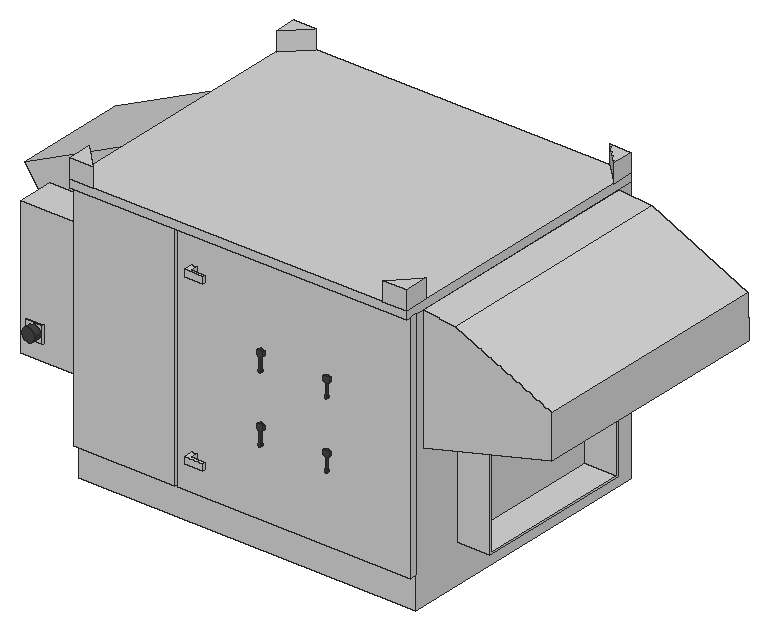
Revit family "Ventilator-RenewAire-Energy-Recovery-HE2XRTH", category Mechanical Equipment, Revit 2015
Parameters (values of type "2.0HP 575V Three Phase")
  Voltage = "575"
  Ventilation Type = "Static Plate, Heat and Humidity Transfer"
  Unit Width = "43-1/2\""
  Unit Weight = "498-689 lbs., varies by option(s)"
  Unit Length = "87-1/2\""
  Unit Height = "44\""
  Unit = Metal - RenewAire - Anodized - Gray Text
  URL = "www.renewaire.com"
  Typical Airflow Range = "500-2,000 CFM"
  Standard Features = "TEFC Premium efficiency motors, Motor starters, Non-Fused Disconnect, 24VAC Transformer/Relay Package"
  Shipping Weight = "784 lbs."
  Service Area Visibility = no
  Service Area Box = Interference - RenewAire - Smooth - Light - Gold
  Revit Object Download Link = ""
  Phase = "Three"
  Options = "Integrated programmable controls, Fused disconnect, Double wall construction, Factory supplied and mounted variable frequency drives (VFDs) – one or both airstreams, Class 1 low leakage motorized isolation dampers – OA, RA or both airstreams, Qty. 2 Factory mounted filter alarms, Exterior Paint - white, custom colors"
  Optional Motorized Damper - OA = yes
  Optional Motorized Damper - EA = yes
  Number Motors = "Qty. 2, Belt drive blower/motor packages with adjustable sheaves"
  Model = "HE2XRTH"
  Minimum Circuit Amps = "5.4 A"
  Maximum Overcurrent Protection = "15 A"
  Max. Shipping Width = "47\""
  Max. Shipping Length = "96\""
  Max. Shipping Height = "50\""
  Manufacturer = "RenewAire LLC"
  Frequency = "60 HZ"
  FLA per Motor = "2.4"
  Description = "Energy Recovery Ventilator"
  Connector Base Material = Glass - With - Transparency
  Accessories = "Filters - MERV 13, 2\" (shipped loose), Roof curb - standard 14\", Curb wind clip, Engineered combo curb for Carrier RTU, Engineered combo curb for Trane RTU, Digital time clock - wall mount(TC7D-W), in exterior enclosure (TC7D-E), Motion occupancy control - ceiling mount(MC-C),  wall mount(MC-W), Carbon dioxide control - wall mount (CO2-W), duct mount(CO2-D), Electric duct heater – EK series (1-60 KW); designed for indoor ductwork installation only, Indirect gas-fired duct furnace - GH series (50-400 MBH), installed downstream of any fans"
  AHRI 1060 Certified Core = "Two L125-G5"
Types (11): name | Voltage | Phase | Minimum Circuit Amps | Maximum Overcurrent Protection | FLA per Motor
  (no name) | "575" | "Three" | "5.4 A" | "15 A" | "2.4"
  1.5 HP 120V Single Phase | "120" | "Single" | "34.2 A" | "45 A" | "15.2"
  1.5 HP 208-230V Single Phase | "208-230" | "Single" | "18.5 A" | "25 A" | "8.2-7.6"
  1.5 HP 208-230V Three Phase | "208-230" | "Three" | "10.8 A" | "15 A" | "4.6-4.8"
  1.5 HP 460V Three Phase | "460" | "Three" | "5.4 A" | "15 A" | "2.4"
  1.5 HP 575V Three Phase | "575" | "Three" | "4.1 A" | "15 A" | "1.8"
  2.0HP 120V Single Phase | "120" | "Single" | "45 A" | "60 A" | "20.0"
  2.0HP 208-230V Single Phase | "208-230" | "Single" | "24.3 A" | "35 A" | "10.8-10.0"
  2.0HP 208-230V Three Phase | "208-230" | "Three" | "14.9 A" | "20" | "6.6-5.8"
  2.0HP 460V Three Phase | "460" | "Three" | "6.5 A" | "15 A" | "2.9"
  2.0HP 575V Three Phase | "575" | "Three" | "5.4 A" | "15 A" | "2.4"
Reference planes (in)
  plane 1 "Center (Front/Back)": y = 0
  plane 2: z = 0
  plane 3 "Center (Left/Right)": x = 0
  plane 4: z = 23
  plane 5: z = 31.5
  plane 6: z = 25.75
  plane 7: x = -38.5
  plane 8: x = -30.625
  plane 9: x = -42.78125
  plane 10 "RA": x = 25.375
  plane 11 "FA": x = -25.375
  plane 12 "Bottom": z = 4
Forms (in)
  Extrusion 1, solid, material "Metal - RenewAire - Anodized - Gray Text" <- "Unit"
    sketch origin (0, 0, 0) x (1, 0, 0) y (0, 0, 1)
      loop
        line (-25.375, 40) -> (-25.375, 0) -> (25.375, 0) -> (25.375, 40) -> (-25.375, 40)
    from 19.75 to -20.75
  Extrusion 2, solid, material "Metal - RenewAire - Anodized - Gray Text"
    sketch origin (0, 0, 0) x (1, 0, 0) y (0, 0, 1)
      loop
        line (-9.6735, 40) -> (-9.6735, 4.75) -> (25.375, 4.75) -> (25.375, 40) -> (-9.6735, 40)
    from 20.75 to 19.75
  Extrusion 3, solid, material "Metal - RenewAire - Anodized - Gray Text"
    sketch origin (0, 0, 4.25) x (0, 1, 0) y (0, 0, 1)
      loop
        line (-12, 15.625) -> (-12, 1.625) -> (12, 1.625) -> (12, 15.625) -> (-12, 15.625)
      loop
        line (-11.875, 15.5) -> (-11.875, 1.75) -> (11.875, 1.75) -> (11.875, 15.5) -> (-11.875, 15.5)
    from 30.375 to 25.375
  Extrusion 4, solid, material "Metal - RenewAire - Anodized - Gray Text"
    sketch origin (13.514, 0.5, 36.5) x (0, 1, 0) y (-1, 0, 0)
      loop
        line (-21.25, 20.3125) -> (-21.25, 21.0625) -> (-22.625, 21.0625) -> (-22.625, 18.25) -> (-22.25, 18.25) -> (-22.25, 20.3125) -> (-21.25, 20.3125)
    from -26.25 to -27.25
  Extrusion 5, solid, material "Metal - RenewAire - Anodized - Gray Text"
    sketch origin (13.514, 0.5, 34.5) x (0, 1, 0) y (-1, 0, 0)
      loop
        line (-21.25, 20.3125) -> (-21.25, 21.0625) -> (-22.625, 21.0625) -> (-22.625, 18.25) -> (-22.25, 18.25) -> (-22.25, 20.3125) -> (-21.25, 20.3125)
    from 0 to 1
  Extrusion 6, solid, material "Metal - RenewAire - Anodized - Gray Text" <- "Unit"
    sketch origin (0, 0, 5.25) x (0, 1, 0) y (0, 0, 1)
      loop
        line (-12.75, 28) -> (-18.25, 28) -> (-18.25, 7.5) -> (-12.75, 7.5) -> (-12.75, 28)
    from -25.375 to -35.375
  Extrusion 7, solid, material "Metal - RenewAire - Anodized - Gray Text"
    sketch origin (-1, 0, 5.25) x (1, 0, 0) y (0, 0, 1)
      loop
        line (-33.375, 12.5) -> (-33.375, 10) -> (-30.875, 10) -> (-30.875, 12.5) -> (-33.375, 12.5)
    from 18.25 to 18.5
  Extrusion 8, solid, material "MonitorPorts"
    sketch origin (-1, 0, 5.25) x (1, 0, 0) y (0, 0, 1)
      loop
        circle (-32.125, 11.25) r 1
    from 19.5 to 18.5
  Extrusion 9, solid, material "Interference - RenewAire - Smooth - Light - Gold" <- "Service Area Box", visible <- "Service Area Visibility"
    sketch origin (0, 0, 0) x (1, 0, 0) y (0, 0, 1)
      loop
        line (-35.375, 41.1875) -> (-35.375, 0) -> (25.375, 0) -> (25.375, 41.1875) -> (-35.375, 41.1875)
    from 54.4375 to 20.75
  Extrusion 10, solid, material "Metal - RenewAire - Anodized - Gray Text"
    sketch origin (0, 0, 0) x (1, 0, 0) y (0, 0, 1)
      loop
        line (-25.375, 4.75) -> (-10.06284, 4.75) -> (-10.06284, 40) -> (-25.375, 40) -> (-25.375, 4.75)
    from 20.75 to 19.75
  Extrusion 11, solid, material "Metal - RenewAire - Anodized - Gray Text"
    sketch origin (0, 0, 0) x (1, 0, 0) y (0, 1, 0)
      loop
        line (-25.375, 20.75) -> (-25.375, -21.5) -> (25.375, -21.5) -> (25.375, 20.75) -> (-25.375, 20.75)
    from 41.1875 to 40
  Extrusion 12, solid, material "Metal - RenewAire - Anodized - Gray Text"
    sketch origin (-0.1875, 0, 0) x (1, 0, 0) y (0, 0, 1)
      loop
        line (25.5625, 21.375) -> (45.06666, 26.44892) -> (45.06666, 32.86982) -> (30.59449, 39.5) -> (25.5625, 40) -> (25.5625, 21.375)
    from 18.455 to -18.455
  Extrusion 13, solid, material "Metal - RenewAire - Anodized - Gray Text"
    sketch origin (0.125, 0, 0) x (1, 0, 0) y (0, 0, 1)
      loop
        line (-25.5, 40) -> (-42.90625, 31.5) -> (-38.625, 25.75) -> (-30.75, 23) -> (-25.5, 23) -> (-25.5, 40)
    from 8.1875 to -9.0625
  Extrusion 14, void
    sketch origin (0, 0, 0) x (1, 0, 0) y (0, 1, 0)
      loop
        line (-24.75, 20.25) -> (-24.75, -19.25) -> (24.875, -19.25) -> (24.875, 20.25) -> (-24.75, 20.25)
    from 0 to 3.625
  Extrusion 15, solid, material "Metal - RenewAire - Anodized - Gray Text" <- "Unit"
    sketch origin (0, -0.4375, 0) x (1, 0, 0) y (0, 1, 0)
      loop
        line (-25.375, -21.0625) -> (-21.8125, -21.0625) -> (-25.375, -17.5) -> (-25.375, -21.0625)
    from 41.1875 to 44
  Extrusion 16, solid, material "Metal - RenewAire - Anodized - Gray Text" <- "Unit"
    sketch origin (0, -0.4375, 0) x (-1, 0, 0) y (0, -1, 0)
      loop
        line (-25.375, 21.0625) -> (-25.375, 17.5) -> (-21.8125, 21.0625) -> (-25.375, 21.0625)
    from 41.1875 to 44
  Extrusion 17, solid, material "Metal - RenewAire - Anodized - Gray Text" <- "Unit"
    sketch origin (0, 0, 0) x (1, 0, 0) y (0, 1, 0)
      loop
        line (-25.375, 20.75) -> (-25.375, 17.5) -> (-22.125, 20.75) -> (-25.375, 20.75)
    from 41.1875 to 44
  Extrusion 18, solid, material "Metal - RenewAire - Anodized - Gray Text" <- "Unit"
    sketch origin (0, 0, 0) x (-1, 0, 0) y (0, -1, 0)
      loop
        line (-25.375, -20.75) -> (-22.125, -20.75) -> (-25.375, -17.5) -> (-25.375, -20.75)
    from 41.1875 to 44
  Extrusion 19, solid
    sketch origin (0, 0, 0) x (0, 1, 0) y (0, 0, 1)
      loop
        line (13.5, 20.125) -> (-10.5, 20.125) -> (-10.5, 6.125) -> (13.5, 6.125) -> (13.5, 20.125)
      loop
        line (13.25, 19.875) -> (-10.25, 19.875) -> (-10.25, 6.375) -> (13.25, 6.375) -> (13.25, 19.875)
    from -26.375 to -25.375
Cuts and joins
  Extrusion 14 cuts Extrusion 1
Dimensions and locks (in)
  aligned and locked: level to plane 2
Nested families (in)
  nested 1: "Monitoring Port" at (12.875, -20.75, 14.739), type "Monitoring Port"
  nested 2: "Monitoring Port" at (12.875, -20.75, 24.739), type "Monitoring Port"
  nested 3: "Monitoring Port" at (2.875, -20.75, 14.739), type "Monitoring Port"
  nested 4: "Monitoring Port" at (2.875, -20.75, 24.739), type "Monitoring Port"
Connectors (in)
  hvac at (25.375, 0, 12.875)
    settings: index 4, duct flow 0 CFM, flow factor 0, pres drop 0.00 in-wg, loss coef 0, conn angle 0.00°, conn width 24", conn height 14", conn diameter 24", duct sys type 2, conn prof type 1, flow config 0, flow direction 1, loss method 0, conn ref index -1, conn util no, is conn primary yes, conn desc "RA (Return Air)"
  hvac at (-26.375, 1.5, 13.125)
    settings: on Extrusion 19, index 6, duct flow 0 CFM, flow factor 0, pres drop 0.00 in-wg, loss coef 0, conn angle 0.00°, conn width 24", conn height 14", conn diameter 24", duct sys type 1, conn prof type 1, flow config 0, flow direction 2, loss method 0, conn ref index -1, conn util no, is conn primary no, conn desc "FA (Fresh Air)"
Definition of nested family "Monitoring Port"
  Parameters
    URL = "www.renewaire.com"
    Revit Object Download Link = ""
    Model = ""
    Manufacturer = "RenewAire LLC"
    Description = "Monitoring Ports"
  Reference planes (in)
    plane 1 "Center (Front/Back)": y = 0
    plane 2: z = 0
    plane 3 "Center (Left/Right)": x = 0
  Forms (in)
    Extrusion 1, solid
      sketch origin (-9.43348, 0, 37.76669) x (-1, 0, 0) y (0, 0, -1)
        loop
          line (-9.53348, 35.65895) -> (-9.94097, 35.42369) -> (-9.94097, 34.83769) -> (-9.43348, 34.54469) -> (-8.92599, 34.83769) -> (-8.92599, 35.42369) -> (-9.33348, 35.65895) -> (-9.33348, 37.28756)
          arc (-9.33348, 37.28756) -> (-9.43348, 37.76669) -> (-9.53348, 37.28756) r 0.25
          line (-9.53348, 37.28756) -> (-9.53348, 35.65895)
      from 0 to 0.25
  Dimensions and locks (in)
    aligned and locked: level to plane 2
